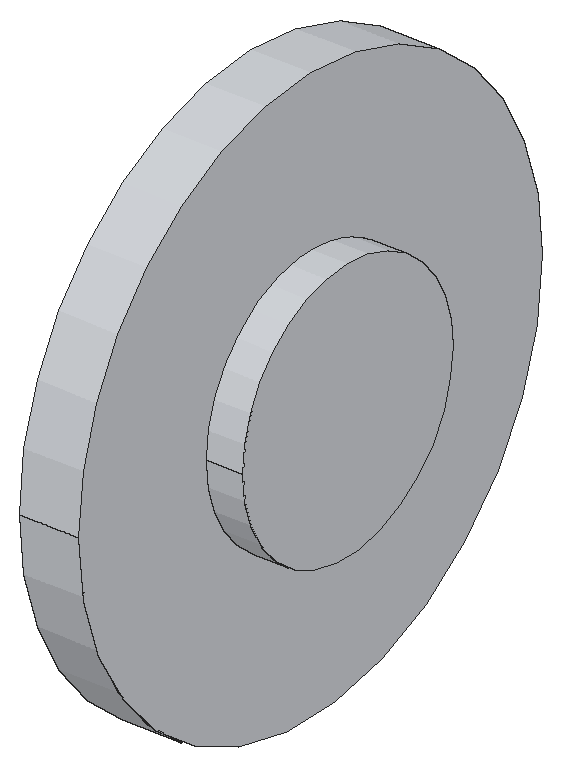
Revit family "82d4c3745aad4fcd8dec0f7b0ed613f9", category Pipe Fittings, Revit 2021
Family settings
  Round Connector Dimension = Use Radius
  Part Type = Flange
  OmniClass Number = 23.60.30.11.14
  OmniClass Title = Pipework Fittings
  Seek Item ID = Flange - Threaded - GI - Class 125-0000-USA-ENU
  Work Plane-Based = No
  Always vertical = Yes
  Cut with Voids When Loaded = No
  Shared = No
Parameters (values of type "Standard")
  Tick Size [instance] = Flange Diameter * 0.4  # 1.70079"
  Nominal Radius [instance] = 1/2"
  Nominal Diameter [instance] = Nominal Radius * 2  # 1"
  Loss Method = Not Defined
  Lookup Table Name = "Flange - Threaded - GI - Class 125"
  Length [instance] = size_lookup(Lookup Table Name, "Lgt", 0.11 * Nominal Diameter + 105/128", Nominal Diameter)  # 0.70866"
  Hub Radius [instance] = Hub Diameter / 2  # 0.96457"
  Hub Diameter [instance] = size_lookup(Lookup Table Name, "HDia", 1.06 * Nominal Diameter + 1 5/64", Nominal Diameter)  # 1.92913"
  Flange Thickness [instance] = size_lookup(Lookup Table Name, "FThk", 0.05 * Nominal Diameter + 161/256", Nominal Diameter)  # 0.43701"
  Flange Radius [instance] = Flange Diameter / 2  # 2.12598"
  Flange Diameter [instance] = size_lookup(Lookup Table Name, "FDia", 1.19 * Nominal Diameter + 3 31/32", Nominal Diameter)  # 4.25197"
  Default Elevation = 0' - 0"
Reference planes (in)
  plane 1 "Center (Front/Back)": y = 0
  plane 2: z = 0
  plane 3 "Center (Left/Right)": x = 0
  plane 4: y = 1.70079
  plane 5: y = -1.70079
  plane 6: x = 0.43701
  plane 7: x = 0.70866
Forms (in)
  Sweep 1, solid, detail levels fine
    path in 3D
      loop
        line (0, 0, 0) -> (0.43701, 0, 0)
    profile origin (0.2185, 0, 0) x (0, 1, 0) y (0, 0, 1)
      loop
        circle (0, 0) r 2.12598
  Sweep 2, solid, detail levels fine
    path in 3D
      loop
        line (0.43701, 0, 0) -> (0.70866, 0, 0)
    profile origin (0.57283, 0, 0) x (0, 1, 0) y (0, 0, 1)
      loop
        circle (0, 0) r 0.96457
Cuts and joins
  joined: Sweep 1, Sweep 2
Lines and regions (in)
  model lines, detail levels coarse+medium
    curve 1: line (0, 0, 0) -> (0.43701, 0, 0)
    curve 2: line (0.43701, 0, 0) -> (0.70866, 0, 0)
    curve 5: line (0.43701, 1.70079, 0) -> (0.43701, -1.70079, 0)
  sketch lines
    curve 3: line (0, 0, 0) -> (0.43701, 0, 0)
    curve 4: line (0.43701, 0, 0) -> (0.70866, 0, 0)
Dimensions and locks (in)
  equal spacing: plane 4, plane 1 "Center (Front/Back)", plane 5
  "Tick Size": plane 4 to plane 1 "Center (Front/Back)"
  "Flange Thickness": plane 3 "Center (Left/Right)" to plane 6
  "Length": plane 3 "Center (Left/Right)" to plane 7
  "Flange Radius": radius of Sweep 1 sketch curve
  "Hub Radius": radius of Sweep 2 sketch curve
  aligned and locked: plane 3 "Center (Left/Right)" to curve 1
  aligned and locked: plane 6 to curve 1
  aligned and locked: plane 1 "Center (Front/Back)" to curve 1
  aligned and locked: plane 1 "Center (Front/Back)" to curve 2
  aligned and locked: plane 7 to curve 2
  aligned and locked: plane 4 to curve 5
  aligned and locked: plane 5 to curve 5
  aligned and locked: curve 5 to plane 6
Automatic sketch dimensions
  Sweep 1 sketch curve to profile plane = 0' - 0"  (x2)
  Sweep 2 sketch curve to profile plane = 0' - 0"  (x2)
Connectors (in)
  piping at (0, 0, 0), diameter 1, driven by "Nominal Radius"
    settings: on cut or joined group of Sweep 1, Sweep 2, index 1, connector inside diameter 1", connector length 0' - 0", flow factor 0, pipe flow 0 GPM, pressure drop 0.00 psi, fitting loss kfactor 0, connector angle 0.00°, fixture units 0, engagement length 0' - 0", angle of deflection 0.00°, flow configuration 0, flow direction 0, fitting loss method 0, system type 28, joint type 0, gender type 0, connector reference index 2, connector utility 0, adjustable connector no, is connector primary yes, connector description ""
  piping at (0.70866, 0, 0), diameter 1, driven by "Nominal Radius"
    settings: on cut or joined group of Sweep 1, Sweep 2, index 2, connector inside diameter 1", connector length 0' - 0", flow factor 0, pipe flow 0 GPM, pressure drop 0.00 psi, fitting loss kfactor 0, connector angle 0.00°, fixture units 0, engagement length 0' - 0", angle of deflection 0.00°, flow configuration 0, flow direction 0, fitting loss method 0, system type 28, joint type 0, gender type 0, connector reference index 1, connector utility 0, adjustable connector no, is connector primary no, connector description ""
